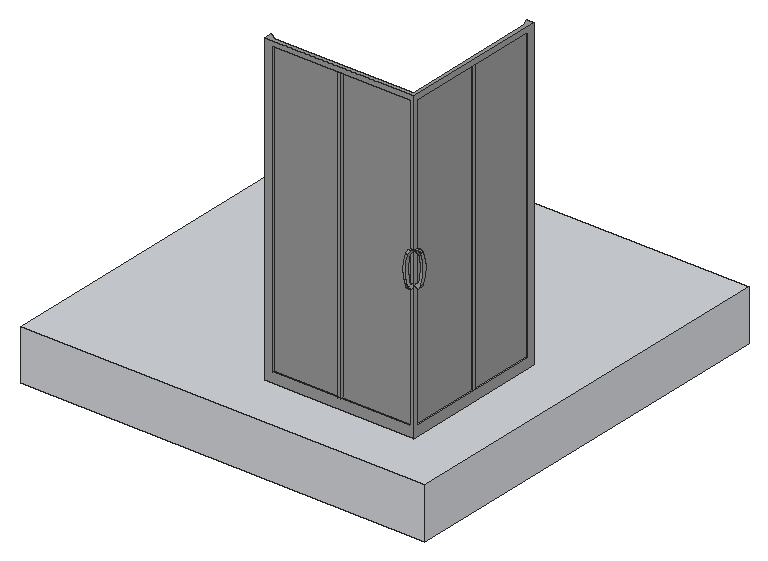
Revit family "IS_Tipica_T2380_BIM_NL", category Plumbing Fixtures, host Face, Revit 2014
Parameters (values of type "T2380YB - TIPICA HOEKINSTAP CABINE 90X90CM")
  WaterEfficientProduct = no
  WasteMatl = ISI_IdealStandard_Shower_Chrome_Render
  WarrantyStartDate [instance] = "1900-12-31T23:59:59"
  WarrantyGuarantorParts = "idealstandard.nl@idealstandard.com"
  WarrantyGuarantorLabor = "n/a"
  WarrantyDurationUnit = "jaar"
  WarrantyDurationParts = "5"
  WarrantyDurationLabor = "n/a"
  WarrantyDescription = "Fabrieksgarantie"
  WRAS = no
  VolumeUnits = "liter"
  Version = "1"
  Uniclass2015Version = "Products v1.1"
  Uniclass2015Title = "Shower enclosures"
  Uniclass2015Code = "Pr_40_20_06_79"
  URL = "www.idealstandardnederland.nl"
  Type Comments = "n/a"
  TrayMatl = ISI_IdealStandard_ShowerTray_White_Render
  TagNumber [instance] = "n/a"
  TMV3 = no
  SustainabilityPerformance = "n/a"
  SpareParts = "www.idealstandardnederland.nl"
  Space = "Internal"
  Size = "900 x 1850 x 900 mm"
  ShowerType = "Individual"
  ShowerHeadDescription = "n/a"
  Shape = "Gesculptuurd"
  SerialNumber [instance] = "n/a"
  Revision = "n/a"
  ReplacementCost = "n/a"
  ProductInformation = "http://www.idealstandardnederland.nl/product/t2380yb"
  Phone = "31 (0) 77 355 08 08"
  NominalWidth = 900 mm
  NominalLength = NominalDepth  # 900 mm
  NominalHeight = 1850 mm
  NominalDepth = 900 mm
  NettWeight = "34.1 kg"
  Name = "ShowerEnclosures_T2380YB_IdealStandard"
  NBSTypeID = "n/a"
  NBSReference = "45-35-70/332"
  NBSOfficeMasterTag = "n/a"
  NBSNote = "n/a"
  NBSDescription = "Shower enclosures"
  NBSCertification = "n/a"
  ModelReference = Description  # "Tipica hoekinstap cabine. Hoogte 1850 mm. 3 mm transparant veiligheidsglas. Met aluminium muurprofiel. Verchroomde greep. Horizontale aanpassing tot 25 mm.\r\n\r\nInstallatie: dit is een complete hoekinstap."
  ModelNumber = Model  # "T2380YB"
  Model = "T2380YB"
  MaterialThickness = 0 mm
  Material = "Glas"
  ManufacturerURL = "www.idealstandardnederland.nl"
  Manufacturer = "idealstandard.nl@idealstandard.com"
  LinearUnits = "millimeters"
  Keynote = "n/a"
  InstallationInstructions = "http://www.idealstandardnederland.nl/product/k813401"
  InstallationDate [instance] = "1900-12-31T23:59:59"
  IfcExportType = "SHOWER"
  IfcExportAs = "IfcSanitaryTerminalType"
  HasTray = yes
  HasRiserKit = no
  HWFU = 0
  GrossWeight = "n/a"
  Grade = "n/a"
  Finish = "Zilverkleurig"
  Features = "Hoekinstap cabine. Hoogte 1850 mm. 3 mm transparant veiligheidsglas. Met aluminium muurprofiel. Verchroomde greep. Horizontale aanpassing tot 25 mm.\r\n\r\nInstallatie: dit is een complete hoekinstap."
  ExpectedLife = "25"
  ECA = no
  DurationUnit = "jaar"
  DrainSize = 38.1 mm
  DistributedBy = "n/a"
  Description = "Tipica hoekinstap cabine. Hoogte 1850 mm. 3 mm transparant veiligheidsglas. Met aluminium muurprofiel. Verchroomde greep. Horizontale aanpassing tot 25 mm.\r\n\r\nInstallatie: dit is een complete hoekinstap."
  Default Elevation = 0 mm
  CurrencyUnit = "n/a"
  CreatedOn = "2016-12-14"
  Cost = 0
  Constituents = "n/a"
  Color = "Zilverkleurig"
  CodePerformance = "n/a"
  Brand = "Ideal Standard"
  BarCode [instance] = ""
  BREEAM = no
  BIMObjectName = "ISI_IdealStandard_ShowerEnclosures_T2380YB"
  Author = "Ideal Standard Nederland BV"
  AssetType = "Vast"
  AssetIdentifier [instance] = "n/a"
  Assembly Code = "C1030200"
  AreaUnits = "millimeters"
  AreaMeasurement = "n/a"
  Accessories = "www.idealstandardnederland.nl"
  AccessibilityPerformance = "n/a"
Reference planes
  plane 1 "Center (Front/Back)": y = 0
  plane 2: z = 0
  plane 3 "Center (Left/Right)": x = 0
  plane 4: x = 900
  plane 5 "Top of Tray": z = 0
  plane 6: x = 450
  plane 7: y = -900
  plane 8: z = 0
  plane 9: y = -889.984
  plane 10: x = 880
  plane 11: y = -450
  plane 12: z = 1820
  plane 13: z = 60
  plane 14: z = 817
  plane 15: z = 1020
  plane 16: x = 935
  plane 17: y = -837
  plane 18: x = 918.5
  plane 19: x = 859.016
  plane 20: y = -45
  plane 21: z = 1850
Forms (mm)
  Extrusion 1, solid
    sketch origin (0, 0, 0) x (1, 0, 0) y (0, 1, 0)
      loop
        line (-1219.2, 1219.2) -> (-1219.2, -1219.2) -> (1219.2, -1219.2) -> (1219.2, 1219.2) -> (-1219.2, 1219.2)
    from 0 to -304.8
  Extrusion 2, solid, material "Chrome"
    sketch origin (20, -160, 0) x (1, 0, 0) y (0, 1, 0)
      loop
        line (-20, -740) -> (880, -740) -> (880, 160) -> (838.996, 160) -> (860, 114.958) -> (860, -720) -> (25.07, -720) -> (-20, -698.984) -> (-20, -740)
    from 0 to 1850
  Extrusion 3, void
    sketch origin (-1211.25, -890, 2286) x (1, 0, 0) y (0, 0, 1)
      loop
        line (1256.25, -466) -> (1256.25, -2226) -> (2091.25, -2226) -> (2091.25, -466) -> (1256.25, -466)
    from 10 to -10
  Extrusion 4, void
    sketch origin (900, 378.032, 2306) x (0, -1, 0) y (0, 0, 1)
      loop
        line (423.032, -486) -> (423.032, -2246) -> (1258.032, -2246) -> (1258.032, -486) -> (423.032, -486)
    from 0 to 20
  Extrusion 5, solid, material "Glass, Clear Glazing, Tempered", detail levels medium+fine
    sketch origin (225, -4591.984, 60) x (-1, 0, 0) y (0, -1, 0)
      loop
        line (180, -3712) -> (180, -3702) -> (-655, -3702) -> (-655, -3712) -> (180, -3712)
    from 0 to 1760
  Extrusion 6, solid, material "Glass, Clear Glazing, Tempered", detail levels medium+fine
    sketch origin (245, -4582, 60) x (-1, 0, 0) y (0, -1, 0)
      loop
        line (-635, -4537) -> (-635, -3702.016) -> (-645, -3702.016) -> (-645, -4537) -> (-635, -4537)
    from 0 to 1760
  Extrusion 7, solid, material "Chrome", detail levels medium+fine
    sketch origin (1040, -4591.984, 60) x (0, -1, 0) y (-1, 0, 0)
      loop
        line (-3712, 600) -> (-3712, 579.908) -> (-3692, 579.908) -> (-3692, 600) -> (-3712, 600)
    from 0 to -1760
  Extrusion 8, solid, material "Chrome", detail levels medium+fine
    sketch origin (245, -4572, 60) x (-1, 0, 0) y (0, -1, 0)
      loop
        line (-635, -4132) -> (-635, -4112) -> (-655, -4112) -> (-655, -4132) -> (-635, -4132)
    from 0 to 1760
  Extrusion 9, solid, material "Chrome"
    sketch origin (935, -4593, 1020) x (0, 0, 1) y (0, -1, 0)
      loop
        line (-203, -3694.024) -> (-203, -3710.524)
        arc (-203, -3710.524) -> (-101.5, -3733.989) -> (0, -3710.524) r 231.257
        line (0, -3710.524) -> (0, -3694.024)
        arc (0, -3694.024) -> (-101.5, -3717.489) -> (-203, -3694.024) r 231.257
    from 0 to -35
  Extrusion 10, void
    sketch origin (0, -837, 918.5) x (0, 0, 1) y (-1, 0, 0)
      loop
        line (85.028, -910.5) -> (85.028, -900) -> (-84.975, -900) -> (-84.975, -911.421)
        arc (-84.975, -911.421) -> (-82.349, -916.474) -> (-77.028, -918.5) r 8
        line (-77.028, -918.5) -> (77.028, -918.5)
        arc (77.028, -918.5) -> (82.685, -916.157) -> (85.028, -910.5) r 8
      loop
        line (101.5, -917.5) -> (101.5, -919)
        arc (101.5, -919) -> (96.814, -930.314) -> (85.5, -935) r 16
        line (85.5, -935) -> (-85.5, -935)
        arc (-85.5, -935) -> (-96.814, -930.314) -> (-101.5, -919) r 16
        line (-101.5, -919) -> (-101.5, -917.5) -> (-113.93, -917.5) -> (-113.93, -947.5) -> (111.5, -947.5) -> (111.5, -917.5) -> (101.5, -917.5)
    from 0 to 63
  Extrusion 11, solid, material "Chrome"
    sketch origin (4602.984, -935, 1020) x (0, 0, 1) y (-1, 0, 0)
      loop
        arc (-203, 3704.008) -> (-101.5, 3726.5) -> (0, 3704.008) r 240.267
        line (0, 3704.008) -> (0, 3720.508)
        arc (0, 3720.508) -> (-101.5, 3743) -> (-203, 3720.508) r 240.267
        line (-203, 3720.508) -> (-203, 3704.008)
    from 0 to -35
  Extrusion 12, void
    sketch origin (837, 0, 918.5) x (0, 0, 1) y (0, -1, 0)
      loop
        arc (85.028, 910.5) -> (82.685, 916.157) -> (77.028, 918.5) r 8
        line (77.028, 918.5) -> (-77.028, 918.5)
        arc (-77.028, 918.5) -> (-82.349, 916.474) -> (-84.975, 911.421) r 8
        line (-84.975, 911.421) -> (-84.975, 900) -> (85.028, 900) -> (85.028, 910.5)
      loop
        line (101.5, 900) -> (111.5, 900) -> (111.5, 947.5) -> (-113.93, 947.5) -> (-113.93, 917.5) -> (-101.5, 917.5) -> (-101.5, 919)
        arc (-101.5, 919) -> (-96.814, 930.314) -> (-85.5, 935) r 16
        line (-85.5, 935) -> (85.5, 935)
        arc (85.5, 935) -> (96.814, 930.314) -> (101.5, 919) r 16
        line (101.5, 919) -> (101.5, 900)
    from 0 to 63
Cuts and joins
  Extrusion 3, Extrusion 4, Extrusion 10, Extrusion 12 cuts Extrusion 2
  Extrusion 10, Extrusion 12 cuts Extrusion 9
  joined: Extrusion 2, Extrusion 9
  Extrusion 12 cuts Extrusion 11
Dimensions and locks
  "NominalWidth": plane 3 "Center (Left/Right)" to plane 4
  "NominalHeight": plane 21 to Extrusion 1
  "NominalDepth": plane 7 to plane 1 "Center (Front/Back)"
  aligned and locked: plane 2 to Extrusion 1
  aligned and locked: level to Extrusion 1
  aligned and locked: Extrusion 4 to Extrusion 2  (x2)
  aligned and locked: Extrusion 3 to Extrusion 4
  aligned and locked: Extrusion 4 to plane 12
  aligned and locked: Extrusion 6 to plane 12
  aligned and locked: plane 12 to Extrusion 3
  aligned and locked: plane 12 to Extrusion 5
  aligned and locked: plane 12 to Extrusion 7
  aligned and locked: plane 12 to Extrusion 8
  aligned and locked: Extrusion 9 to plane 4
  aligned and locked: Extrusion 10 to plane 7
  aligned and locked: Extrusion 3 to Extrusion 2
Automatic sketch dimensions
  Extrusion 1 sketch curve to Extrusion 1 sketch curve = 2438.4 mm  (x2)
  Extrusion 2 sketch curve to plane 3 "Center (Left/Right)" = 0 mm
  Extrusion 2 sketch curve to plane 10 = 0 mm
  Extrusion 2 sketch curve to plane 4 = 0 mm  (x2)
  Extrusion 2 sketch curve to plane 7 = 0 mm  (x2)
  Extrusion 2 sketch curve to plane 9 = 9.984 mm
  plane 3 "Center (Left/Right)" to Extrusion 2 sketch curve = 45.07 mm
  plane 19 to Extrusion 2 sketch curve = 0.02 mm
  Extrusion 2 sketch curve to plane 17 = 21.984 mm
  Extrusion 2 sketch curve to plane 20 = 0.042 mm
  plane 1 "Center (Front/Back)" to Extrusion 2 sketch curve = 0 mm
  Extrusion 3 sketch curve to plane 13 = 0 mm
  Extrusion 3 sketch curve to plane 12 = 0 mm
  plane 10 to Extrusion 3 sketch curve = 0 mm
  plane 3 "Center (Left/Right)" to Extrusion 3 sketch curve = 45 mm
  Extrusion 4 sketch curve to plane 13 = 0 mm
  Extrusion 4 sketch curve to plane 20 = 0 mm
  plane 12 to Extrusion 4 sketch curve = 0 mm
  Extrusion 4 sketch curve to plane 9 = 9.984 mm
  Extrusion 5 sketch curve to plane 10 = 0 mm
  plane 9 to Extrusion 5 sketch curve = 0 mm
  plane 3 "Center (Left/Right)" to Extrusion 5 sketch curve = 45 mm
  Extrusion 5 sketch curve to Extrusion 5 sketch curve = 10 mm
  Extrusion 6 sketch curve to plane 20 = 0 mm
  Extrusion 6 sketch curve to plane 10 = 0 mm
  Extrusion 6 sketch curve to Extrusion 6 sketch curve = 10 mm
  Extrusion 6 sketch curve to plane 9 = 10 mm
  Extrusion 7 sketch curve to plane 9 = 10 mm
  plane 7 to Extrusion 7 sketch curve = 0.016 mm
  Extrusion 7 sketch curve to plane 6 = 10 mm
  plane 6 to Extrusion 7 sketch curve = 10.092 mm
  Extrusion 8 sketch curve to plane 4 = 0 mm
  Extrusion 8 sketch curve to plane 10 = 0 mm
  Extrusion 8 sketch curve to plane 11 = 10 mm
  plane 11 to Extrusion 8 sketch curve = 10 mm
  Extrusion 9 sketch curve to plane 14 = 0 mm
  Extrusion 9 sketch curve to plane 15 = 0 mm
  plane 14 to Extrusion 9 sketch curve = 101.5 mm
  Extrusion 9 sketch curve to Extrusion 9 sketch curve = 0 mm
  Extrusion 9 sketch curve to plane 9 = 7.508 mm
  plane 7 to Extrusion 9 sketch curve = 1.024 mm
  Extrusion 9 sketch curve to plane 7 = 190.267 mm
  Extrusion 9 sketch curve to Extrusion 9 sketch curve = 16.5 mm
  Extrusion 10 sketch curve to plane 14 = 0 mm
  Extrusion 10 sketch curve to plane 16 = 0 mm
  Extrusion 10 sketch curve to plane 4 = 0 mm
  plane 18 to Extrusion 10 sketch curve = 0 mm
  Extrusion 10 sketch curve to plane 15 = 0 mm
  Extrusion 10 sketch curve to plane 18 = 1 mm  (x2)
  Extrusion 10 sketch curve to Extrusion 10 sketch curve = 12.43 mm
  plane 18 to Extrusion 10 sketch curve = 0.5 mm
  plane 14 to Extrusion 10 sketch curve = 16.525 mm
  Extrusion 10 sketch curve to Extrusion 10 sketch curve = 8.472 mm
  Extrusion 10 sketch curve to plane 18 = 8 mm
  Extrusion 10 sketch curve to plane 15 = 24.472 mm
  Extrusion 10 sketch curve to plane 15 = 16 mm
  plane 15 to Extrusion 10 sketch curve = 10 mm
  plane 16 to Extrusion 10 sketch curve = 12.5 mm
  Extrusion 10 sketch curve to plane 18 = 7.079 mm
  Extrusion 11 sketch curve to plane 14 = 0 mm
  Extrusion 11 sketch curve to plane 15 = 0 mm
  plane 14 to Extrusion 11 sketch curve = 101.5 mm
  Extrusion 11 sketch curve to Extrusion 11 sketch curve = 0 mm
  plane 16 to Extrusion 11 sketch curve = 181.751 mm
  Extrusion 11 sketch curve to Extrusion 11 sketch curve = 16.5 mm
  Extrusion 11 sketch curve to plane 4 = 1.024 mm
  Extrusion 11 sketch curve to plane 10 = 2.476 mm
  Extrusion 12 sketch curve to plane 14 = 0 mm
  Extrusion 12 sketch curve to plane 7 = 0 mm  (x2)
  Extrusion 12 sketch curve to plane 15 = 0 mm
  Extrusion 12 sketch curve to Extrusion 12 sketch curve = 12.43 mm
  plane 14 to Extrusion 12 sketch curve = 16 mm
  plane 14 to Extrusion 12 sketch curve = 16.525 mm
  Extrusion 12 sketch curve to Extrusion 12 sketch curve = 8.472 mm
  Extrusion 12 sketch curve to plane 7 = 10.5 mm
  Extrusion 12 sketch curve to plane 15 = 24.472 mm
  Extrusion 12 sketch curve to Extrusion 12 sketch curve = 8 mm  (x2)
  Extrusion 12 sketch curve to plane 15 = 16 mm
  plane 15 to Extrusion 12 sketch curve = 10 mm
  Extrusion 12 sketch curve to plane 7 = 17.5 mm
  Extrusion 12 sketch curve to Extrusion 12 sketch curve = 1.5 mm
  Extrusion 12 sketch curve to Extrusion 12 sketch curve = 30 mm
